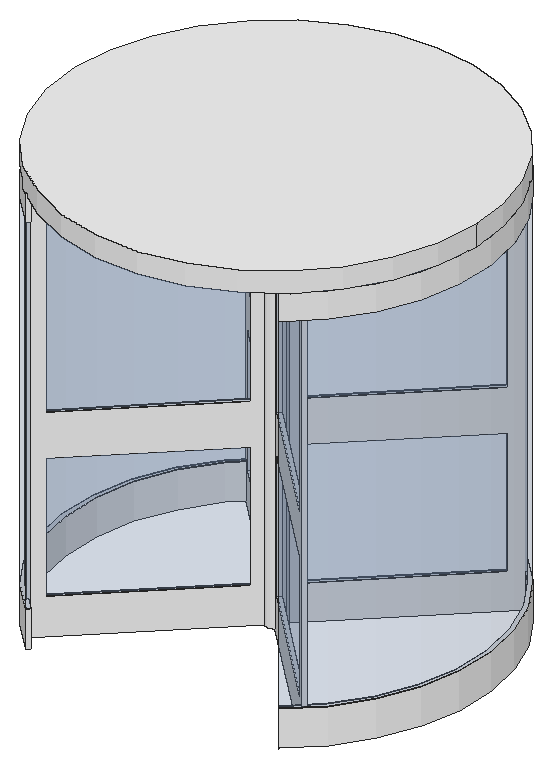
Revit family
Parameters
  Stile Shutting = 75 mm
  Stile Hanging = 50 mm
  Stile Top of Lock rail = 1000 mm
  Stile Top Rail = 125 mm
  Stile Lock Rail = 200 mm
  Stile Bottom Rail = 175 mm
  Roof Thickness = 100 mm
  Radius [instance] = 0.5 * Diameter  # 1000 mm
  Pole Radius = 50 mm
  Material Glass = Glass
  Material Door = Metal - Aluminium
  Keynote = "H11"
  Inside Radius (info) [instance] = Radius - 20 mm  # 980 mm
  Diameter [instance] = 2000 mm
Reference planes
  plane 1 "Center (Front/Back": y = 0
  plane 2: z = 0
  plane 3 "Center (Left/Right)": x = 6.606
  plane 4 "Left": x = -993.394
  plane 5 "Right": x = 1006.606
  plane 6 "Top": z = 2133.6
  plane 7: z = 1066.8
  plane 8: z = 1066.8
  plane 9: z = 2033.6
  plane 10: through (3.303, -3.303, 0) normal (-0.7071, 0.7071, 0)
  plane 11: through (3.303, 3.303, 0) normal (-0.7071, -0.7071, 0)
  plane 12: through (-654.651, 618.607, 0) normal (-0.7071, 0.7071, 0)
  plane 13: through (-85.43, 49.386, 0) normal (0.7071, -0.7071, 0)
  plane 14: through (55.992, -92.035, 0) normal (-0.7071, 0.7071, 0)
  plane 15: z = 1908.6
  plane 16: z = 1000
  plane 17: z = 800
  plane 18: z = 175
  plane 19: through (625.212, -661.256, 0) normal (0.7071, -0.7071, 0)
  plane 20: through (-707.684, 671.64, 0) normal (0.7071, -0.7071, 0)
  plane 21: through (-50.074, 14.031, 0) normal (0.7071, -0.7071, 0)
  plane 22: through (20.636, -56.68, 0) normal (0.7071, -0.7071, 0)
  plane 23: through (678.246, -714.289, 0) normal (0.7071, -0.7071, 0)
  plane 24: through (-2.593, -61.512, 0) normal (-0.7071, -0.7071, 0)
  plane 25: through (-37.948, -96.867, 0) normal (-0.7071, -0.7071, 0)
  plane 26: through (-660.202, -719.121, 0) normal (-0.7071, -0.7071, 0)
  plane 27: through (-607.169, -666.088, 0) normal (-0.7071, -0.7071, 0)
  plane 28: through (68.118, 9.199, 0) normal (-0.7071, -0.7071, 0)
  plane 29: through (103.473, 44.554, 0) normal (-0.7071, -0.7071, 0)
  plane 30: through (672.694, 613.775, 0) normal (-0.7071, -0.7071, 0)
  plane 31: through (725.727, 666.808, 0) normal (-0.7071, -0.7071, 0)
Forms (mm)
  Extrusion 1, solid, material "Metal - Aluminium" <- "Material Door"
    sketch origin (0, 0, 0) x (1, 0, 0) y (0, 1, 0)
      loop
        circle (6.606, 0) r 1000
    from 2033.6 to 2133.6
  Extrusion 2, solid, material "Metal - Aluminium" <- "Material Door"
    sketch origin (0, 0, 0) x (1, 0, 0) y (0, 1, 0)
      loop
        circle (6.606, 0) r 50
    from 0 to 2033.6
  Extrusion 3, solid, material "Metal - Aluminium" <- "Material Door"
    sketch origin (3.303, 3.303, 0) x (0.707107, -0.707107, 0) y (0, 0, 1)
      loop
        line (-975.329, 0) -> (-45.329, 0) -> (-45.329, 2033.6) -> (-975.329, 2033.6) -> (-975.329, 0)
      loop
        line (-900.329, 175) -> (-95.329, 175) -> (-95.329, 800) -> (-900.329, 800) -> (-900.329, 175)
      loop
        line (-95.329, 1000) -> (-95.329, 1908.6) -> (-900.329, 1908.6) -> (-900.329, 1000) -> (-95.329, 1000)
      loop
        line (54.671, 0) -> (984.671, 0) -> (984.671, 2033.6) -> (54.671, 2033.6) -> (54.671, 0)
      loop
        line (104.671, 1908.6) -> (104.671, 1000) -> (909.671, 1000) -> (909.671, 1908.6) -> (104.671, 1908.6)
      loop
        line (909.671, 800) -> (104.671, 800) -> (104.671, 175) -> (909.671, 175) -> (909.671, 800)
    from -10 to 10
  Extrusion 4, solid, material "Glass" <- "Material Glass"
    sketch origin (3.303, 3.303, 0) x (0.707107, -0.707107, 0) y (0, 0, 1)
      loop
        line (-900.329, 175) -> (-95.329, 175) -> (-95.329, 800) -> (-900.329, 800) -> (-900.329, 175)
      loop
        line (-900.329, 1000) -> (-95.329, 1000) -> (-95.329, 1908.6) -> (-900.329, 1908.6) -> (-900.329, 1000)
      loop
        line (104.671, 1908.6) -> (104.671, 1000) -> (909.671, 1000) -> (909.671, 1908.6) -> (104.671, 1908.6)
      loop
        line (909.671, 800) -> (104.671, 800) -> (104.671, 175) -> (909.671, 175) -> (909.671, 800)
    from -10 to 10
  Extrusion 5, solid, material "Metal - Aluminium" <- "Material Door"
    sketch origin (0, 0, 0) x (1, 0, 0) y (0, 1, 0)
      loop
        arc (639.457, -774.273) -> (1006.606, 0) -> (639.457, 774.273) r 1000
        line (639.457, 774.273) -> (626.8, 758.788)
        arc (626.8, 758.788) -> (986.606, 0) -> (626.8, -758.788) r 980
        line (626.8, -758.788) -> (639.457, -774.273)
    from 0 to 175
  Extrusion 6, solid, material "Glass" <- "Material Glass"
    sketch origin (0, 0, 0) x (1, 0, 0) y (0, 1, 0)
      loop
        arc (639.457, -774.273) -> (1006.606, 0) -> (639.457, 774.273) r 1000
        line (639.457, 774.273) -> (626.8, 758.788)
        arc (626.8, 758.788) -> (986.606, 0) -> (626.8, -758.788) r 980
        line (626.8, -758.788) -> (639.457, -774.273)
    from 175 to 1908.6
  Extrusion 7, solid, material "Metal - Aluminium" <- "Material Door"
    sketch origin (0, 0, 0) x (1, 0, 0) y (0, 1, 0)
      loop
        arc (639.457, -774.273) -> (1006.606, 0) -> (639.457, 774.273) r 1000
        line (639.457, 774.273) -> (626.8, 758.788)
        arc (626.8, 758.788) -> (986.606, 0) -> (626.8, -758.788) r 980
        line (626.8, -758.788) -> (639.457, -774.273)
    from 1908.6 to 2033.6
  Extrusion 8, solid, material "Metal - Aluminium"
    sketch origin (13.211, 0, 0) x (-1, 0, 0) y (0, -1, 0)
      loop
        line (639.457, 774.273) -> (626.8, 758.788)
        arc (626.8, 758.788) -> (986.606, 0) -> (626.8, -758.788) r 980
        line (626.8, -758.788) -> (639.457, -774.273)
        arc (639.457, -774.273) -> (1006.606, 0) -> (639.457, 774.273) r 1000
    from 0 to 175
  Extrusion 9, solid, material "Glass" <- "Material Glass"
    sketch origin (13.211, 0, 0) x (-1, 0, 0) y (0, -1, 0)
      loop
        line (639.457, 774.273) -> (626.8, 758.788)
        arc (626.8, 758.788) -> (986.606, 0) -> (626.8, -758.788) r 980
        line (626.8, -758.788) -> (639.457, -774.273)
        arc (639.457, -774.273) -> (1006.606, 0) -> (639.457, 774.273) r 1000
    from 175 to 1908.6
  Extrusion 10, solid, material "Metal - Aluminium" <- "Material Door"
    sketch origin (13.211, 0, 0) x (-1, 0, 0) y (0, -1, 0)
      loop
        line (639.457, 774.273) -> (626.8, 758.788)
        arc (626.8, 758.788) -> (986.606, 0) -> (626.8, -758.788) r 980
        line (626.8, -758.788) -> (639.457, -774.273)
        arc (639.457, -774.273) -> (1006.606, 0) -> (639.457, 774.273) r 1000
    from 1908.6 to 2033.6
  Extrusion 11, solid, material "Metal - Aluminium"
    sketch origin (9.908, 3.303, 0) x (-0.707107, -0.707107, 0) y (0, 0, -1)
      loop
        line (-975.329, 0) -> (-975.329, -2033.6) -> (-45.329, -2033.6) -> (-45.329, 0) -> (-975.329, 0)
      loop
        line (-900.329, -175) -> (-900.329, -800) -> (-95.329, -800) -> (-95.329, -175) -> (-900.329, -175)
      loop
        line (-95.329, -1000) -> (-900.329, -1000) -> (-900.329, -1908.6) -> (-95.329, -1908.6) -> (-95.329, -1000)
      loop
        line (54.671, 0) -> (54.671, -2033.6) -> (984.671, -2033.6) -> (984.671, 0) -> (54.671, 0)
      loop
        line (104.671, -1908.6) -> (909.671, -1908.6) -> (909.671, -1000) -> (104.671, -1000) -> (104.671, -1908.6)
      loop
        line (909.671, -800) -> (909.671, -175) -> (104.671, -175) -> (104.671, -800) -> (909.671, -800)
    from -10 to 10
  Extrusion 12, solid, material "Glass" <- "Material Glass"
    sketch origin (3.303, -3.303, 0) x (-0.707107, -0.707107, 0) y (0, 0, 1)
      loop
        line (900.329, 175) -> (900.329, 800) -> (95.329, 800) -> (95.329, 175) -> (900.329, 175)
      loop
        line (-104.671, 175) -> (-104.671, 800) -> (-909.671, 800) -> (-909.671, 175) -> (-104.671, 175)
      loop
        line (-909.671, 1000) -> (-104.671, 1000) -> (-104.671, 1908.6) -> (-909.671, 1908.6) -> (-909.671, 1000)
      loop
        line (900.329, 1000) -> (900.329, 1908.6) -> (95.329, 1908.6) -> (95.329, 1000) -> (900.329, 1000)
    from -10 to 10
Cuts and joins
  joined: Extrusion 1, Extrusion 7, Extrusion 10
Lines and regions (mm)
  symbolic lines, style "InvisibleLines"
    curve 1: circle (6.606, 0, 0) r 1000 normal (0, 0, 1)
    curve 2: line (6.606, 0, 0) -> (-700.501, 707.107, 0)
    curve 3: line (6.606, 0, 0) -> (713.712, 707.107, 0)
    curve 4: line (6.606, 0, 0) -> (639.457, -774.273, 0)
    curve 5: line (6.606, 0, 0) -> (-626.246, 774.273, 0)
    curve 6: line (6.606, 0, 0) -> (639.457, 774.273, 0)
    curve 7: line (6.606, 0, 0) -> (-626.246, -774.273, 0)
Text (mm)
  text "Exterior" at (-790.651, 1092.624, 0), in view "Base Line"
Dimensions and locks
  equal spacing: plane 4 "Left", plane 3 "Center (Left/Right)", plane 5 "Right"
  equal spacing: plane 2, plane 7, plane 6 "Top"
  "Roof Thickness": plane 9 to plane 6 "Top"
  "Stile Bottom Rail": plane 18 to level
  "Stile Lock Rail": plane 17 to plane 16
  "Stile Top Rail": plane 15 to plane 9
  "Stile Top of Lock rail": plane 16 to level
  "Stile Shutting": plane 20 to plane 12
  "Pole Radius": plane 21 to plane 10
  "Stile Hanging": plane 13 to plane 21
  "Inside Radius (info)": plane 20 to plane 10
  plane 4 "Left" to plane 5 "Right" = 2000 mm
  equal spacing: Extrusion 3, plane 11, Extrusion 3
  locked: Extrusion 3 to Extrusion 3 at 20
  "Inside Radius (info)": plane 10 to plane 23
  "Pole Radius": plane 10 to plane 22
  "Stile Hanging": plane 22 to plane 14
  "Stile Shutting": plane 19 to plane 23
  locked: Extrusion 7 sketch curve to Extrusion 5 at 0.001
  Extrusion 11 to Extrusion 11 = 20 mm
  locked: Extrusion 11 to Extrusion 11 at 20
  "Pole Radius": plane 24 to plane 11
  "Stile Hanging": plane 25 to plane 24
  "Stile Shutting": plane 26 to plane 27
  "Inside Radius (info)": plane 26 to plane 11
  "Inside Radius (info)": plane 11 to plane 31
  "Pole Radius": plane 11 to plane 28
  "Stile Hanging": plane 28 to plane 29
  "Stile Shutting": plane 30 to plane 31
  "Radius": radius of curve 1
  "Radius": radius of Extrusion 1 sketch curve
  "Pole Radius": radius of Extrusion 2 sketch curve
  "Inside Radius (info)": radius of Extrusion 6 sketch curve
  "Radius": radius of Extrusion 6 sketch curve
  "Inside Radius (info)": radius of Extrusion 5 sketch curve
  "Inside Radius (info)": radius of Extrusion 7 sketch curve
  "Radius": radius of Extrusion 7 sketch curve
  "Inside Radius (info)": radius of Extrusion 8 sketch curve
  "Radius": radius of Extrusion 8 sketch curve
  "Inside Radius (info)": radius of Extrusion 9 sketch curve
  "Radius": radius of Extrusion 9 sketch curve
  "Inside Radius (info)": radius of Extrusion 10 sketch curve
  "Radius": radius of Extrusion 10 sketch curve
  locked: curve 2 to plane 1 "Center (Front/Back" (angle 45.00°)
  locked: plane 1 "Center (Front/Back" to curve 3 (angle 45.00°)
  locked: curve 4 to plane 11 (angle 5.73917°)
  locked: plane 22 to curve 6 (angle 5.73917°)
  locked: plane 10 to curve 7 (angle 5.73917°)
  locked: curve 5 to plane 11 (angle 5.73917°)
  aligned and locked: Extrusion 1 to plane 6 "Top"
  aligned and locked: plane 9 to Extrusion 1
  aligned and locked: Extrusion 2 to plane 9
  aligned and locked: Extrusion 1 to Extrusion 3 sketch curve
  aligned and locked: plane 21 to Extrusion 3 sketch curve
  aligned and locked: plane 20 to Extrusion 3 sketch curve
  aligned and locked: Extrusion 3 sketch curve to plane 22
  aligned and locked: Extrusion 5 sketch curve to curve 1
  aligned and locked: Extrusion 5 to plane 18
  aligned and locked: plane 18 to Extrusion 6
  aligned and locked: Extrusion 6 to plane 15
  aligned and locked: Extrusion 6 sketch curve to curve 4
  aligned and locked: Extrusion 6 sketch curve to curve 6
  aligned and locked: Extrusion 5 sketch curve to curve 6
  aligned and locked: Extrusion 5 sketch curve to curve 4
  aligned and locked: Extrusion 7 to plane 9
  aligned and locked: plane 15 to Extrusion 7
  aligned and locked: Extrusion 7 sketch curve to curve 6
  aligned and locked: Extrusion 8 sketch curve to curve 5
  aligned and locked: Extrusion 8 sketch curve to curve 7
  aligned and locked: plane 18 to Extrusion 9
  aligned and locked: Extrusion 9 to plane 15
  aligned and locked: Extrusion 9 sketch curve to curve 5
  aligned and locked: Extrusion 9 sketch curve to curve 7
  aligned and locked: Extrusion 10 to plane 9
  aligned and locked: plane 15 to Extrusion 10
  aligned and locked: Extrusion 10 sketch curve to curve 5
  aligned and locked: Extrusion 10 sketch curve to curve 7
  aligned and locked: Extrusion 11 sketch curve to plane 26
  aligned and locked: Extrusion 11 sketch curve to plane 24
  aligned and locked: Extrusion 11 sketch curve to plane 25
  aligned and locked: plane 25 to Extrusion 11 sketch curve
  aligned and locked: Extrusion 11 sketch curve to plane 27  (x2)
  aligned and locked: Extrusion 11 sketch curve to plane 15  (x2)
  aligned and locked: plane 16 to Extrusion 11 sketch curve  (x2)
  aligned and locked: Extrusion 11 sketch curve to plane 17  (x2)
  aligned and locked: Extrusion 11 sketch curve to plane 18  (x2)
  aligned and locked: Extrusion 11 sketch curve to plane 28
  aligned and locked: Extrusion 11 sketch curve to plane 29  (x2)
  aligned and locked: Extrusion 11 sketch curve to plane 30
  aligned and locked: plane 30 to Extrusion 11 sketch curve
  aligned and locked: Extrusion 11 sketch curve to plane 31
  aligned and locked: Extrusion 12 sketch curve to Extrusion 12 sketch curve  (x4)
  aligned and locked: Extrusion 12 sketch curve to Extrusion 11  (x4)
  aligned and locked: Extrusion 12 sketch curve to plane 17
  aligned and locked: Extrusion 12 sketch curve to plane 18  (x2)
  aligned and locked: Extrusion 12 sketch curve to plane 16
  aligned and locked: plane 15 to Extrusion 12 sketch curve
  aligned and locked: plane 16 to Extrusion 12 sketch curve
  aligned and locked: Extrusion 3 to Extrusion 5
  aligned and locked: Extrusion 8 to plane 18
Automatic sketch dimensions
  Extrusion 1 sketch curve to plane 1 "Center (Front/Back" = 0 mm
  Extrusion 1 sketch curve to plane 3 "Center (Left/Right)" = 0 mm
  Extrusion 2 sketch curve to plane 1 "Center (Front/Back" = 0 mm
  Extrusion 2 sketch curve to plane 3 "Center (Left/Right)" = 0 mm
  Extrusion 3 sketch curve to plane 12 = 0 mm  (x2)
  Extrusion 3 sketch curve to plane 13 = 0 mm  (x2)
  Extrusion 3 sketch curve to level = 0 mm  (x2)
  Extrusion 3 sketch curve to plane 14 = 0 mm  (x2)
  Extrusion 3 sketch curve to plane 18 = 0 mm  (x2)
  Extrusion 3 sketch curve to plane 19 = 0 mm  (x2)
  Extrusion 3 sketch curve to plane 15 = 0 mm  (x2)
  Extrusion 3 sketch curve to plane 23 = 0 mm
  Extrusion 3 sketch curve to plane 17 = 0 mm  (x2)
  Extrusion 3 sketch curve to plane 16 = 0 mm  (x2)
  Extrusion 3 sketch curve to plane 9 = 0 mm
  Extrusion 4 sketch curve to plane 12 = 0 mm  (x2)
  Extrusion 4 sketch curve to plane 13 = 0 mm  (x2)
  Extrusion 4 sketch curve to plane 14 = 0 mm  (x2)
  Extrusion 4 sketch curve to plane 17 = 0 mm  (x2)
  Extrusion 4 sketch curve to plane 19 = 0 mm  (x2)
  Extrusion 4 sketch curve to plane 15 = 0 mm  (x2)
  Extrusion 4 sketch curve to plane 18 = 0 mm  (x2)
  Extrusion 4 sketch curve to plane 16 = 0 mm  (x2)
  Extrusion 6 sketch curve to Extrusion 6 sketch curve = 0 mm  (x2)
  Extrusion 6 sketch curve to plane 1 "Center (Front/Back" = 0 mm
  Extrusion 6 sketch curve to plane 3 "Center (Left/Right)" = 0 mm
  Extrusion 5 sketch curve to Extrusion 5 sketch curve = 0 mm  (x2)
  Extrusion 7 sketch curve to Extrusion 7 sketch curve = 0 mm  (x2)
  Extrusion 7 sketch curve to plane 1 "Center (Front/Back" = 0 mm
  Extrusion 7 sketch curve to plane 3 "Center (Left/Right)" = 0 mm
  Extrusion 8 sketch curve to Extrusion 8 sketch curve = 0 mm  (x2)
  Extrusion 8 sketch curve to plane 1 "Center (Front/Back" = 0 mm
  Extrusion 8 sketch curve to plane 3 "Center (Left/Right)" = 0 mm
  curve 2 to plane 11 = 0 mm
  curve 1 to plane 1 "Center (Front/Back" = 0 mm
  curve 1 to plane 3 "Center (Left/Right)" = 0 mm
  curve 7 to plane 3 "Center (Left/Right)" = 0 mm
  Extrusion 9 sketch curve to Extrusion 9 sketch curve = 0 mm  (x2)
  Extrusion 9 sketch curve to plane 1 "Center (Front/Back" = 0 mm
  Extrusion 9 sketch curve to plane 3 "Center (Left/Right)" = 0 mm
  Extrusion 10 sketch curve to Extrusion 10 sketch curve = 0 mm  (x2)
  Extrusion 10 sketch curve to plane 1 "Center (Front/Back" = 0 mm
  Extrusion 10 sketch curve to plane 3 "Center (Left/Right)" = 0 mm
  Extrusion 11 sketch curve to plane 9 = 0 mm  (x2)
  Extrusion 11 sketch curve to level = 0 mm  (x2)
  Extrusion 12 sketch curve to plane 17 = 0 mm
  Extrusion 12 sketch curve to plane 15 = 0 mm
